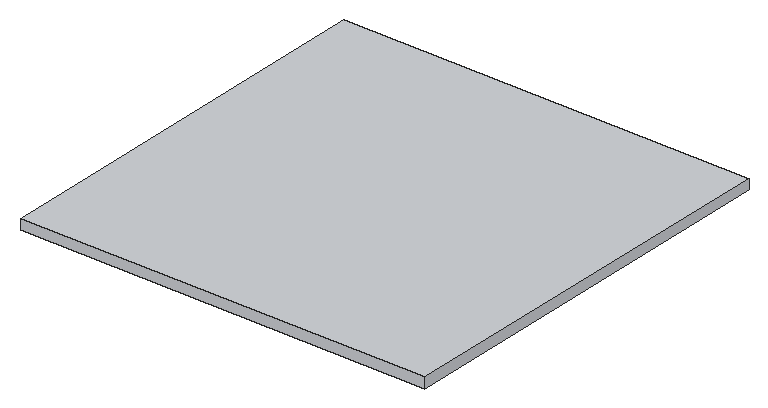
Revit family "7128600", category Aparatos sanitarios, Revit 2017
Family settings
  Anfitrión = Cara
  Cota de conector redondo = Diámetro de uso
  Tipo de pieza = Normal
  Número OmniClass = 23.45.55.14
  Título OmniClass = Single Faucets
  Corte con vacíos al cargar = No
  Compartido = No
  Punto de cálculo de habitación = No
Parameters (values of type "7128600")
  URL = "http://www.griferiasgalindo.com/ducha/albos/grifo-de-cocina-albos?c=es"
  Teléfono = "(+34) 915 782 575"
  TIPO DE AGUA = "Fria/Caliente"
  REFERENCIA = "7128600"
  Presión Máxima = "8 bar"
  PESO BRUTO = "1.7 Kg"
  Modelo = "GRIFO DE COCINA"
  Material = LATON CROMADO
  Imagen de tipo = <Ninguno>
  Fabricante = "PRESTO IBÉRICA"
  Default Elevation = 1219.2 mm
  ENTRADA = "Latiguillos de 3/8\""
  Descripción = "Grifo cocina"
  Código de montaje = "C1030220"
  Contacto = "info@prestoiberica.com"
  Conexión AF = yes
  Conexión AC = yes
  Comentarios de tipo = "Cartucho sellado mezclador con discos cerámicos de Ø 40 mm. Limitador de caudal y temperatura regulable. Suministrado con latiguillos flexibles de 3/8\" y longitud 35 mm."
  CIERRE = "Manual"
  CAUDAL = "13.2 l/min"
  Accionamiento = "Mediante maneta"
Reference planes
  plane 1 "Centro (Frontal/Posterior)": y = 0
  plane 2: z = 0
  plane 3 "Centro (Izquierda/Derecha)": x = 0
Forms (mm)
  Extrusion 1, solid
    sketch origin (0, 0, 0) x (1, 0, 0) y (0, 1, 0)
      loop
        line (-100, 100) -> (-100, -100) -> (100, -100) -> (100, 100) -> (-100, 100)
    from 0 to -5
Dimensions and locks
  Extrusion 1 sketch curve to plane 1 "Centro (Frontal/Posterior)" = 100 mm
  aligned and locked: plane 2 to Extrusion 1
  aligned and locked: level to Extrusion 1
Connectors
  piping at (-9, 7, 0), diameter 9.5
    settings: on import instance, index 1, connector inside diameter 609.6 mm, connector length 0 mm, flow factor 0, pipe flow 0.0 L/s, pressure drop 0.0 Pa, fitting loss kfactor 0, connector angle 0.00°, fixture units 0, engagement length 0 mm, angle of deflection 0.00°, flow configuration 0, flow direction 1, fitting loss method 0, system type 19, joint type 0, gender type 0, connector reference index -1, connector utility 0, adjustable connector no, is connector primary yes, connector description ""
  piping at (-9, -7, 0), diameter 9.5
    settings: on import instance, index 2, connector inside diameter 609.6 mm, connector length 0 mm, flow factor 0, pipe flow 0.0 L/s, pressure drop 0.0 Pa, fitting loss kfactor 0, connector angle 0.00°, fixture units 0, engagement length 0 mm, angle of deflection 0.00°, flow configuration 0, flow direction 1, fitting loss method 0, system type 20, joint type 0, gender type 0, connector reference index -1, connector utility 0, adjustable connector no, is connector primary no, connector description ""
